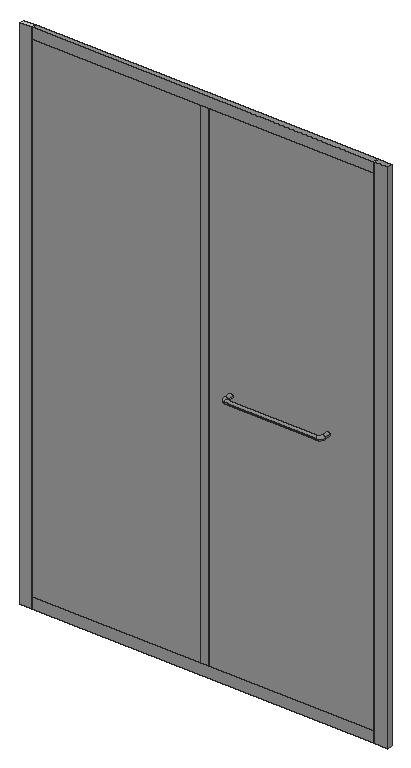
Revit family "MAMPARA DOBLE CORREDERA TWIN 1400x1980", category Generic Models, Revit 2019
Family settings
  Can host rebar = No
  Round Connector Dimension = Use Diameter
  Part Type = Normal
  Work Plane-Based = No
  Always vertical = Yes
  Cut with Voids When Loaded = No
  Shared = No
  Room Calculation Point = No
Reference planes
  plane 1 "Center (Front/Back)": y = 0
  plane 2: z = 0
  plane 3 "Center (Left/Right)": x = 0
Forms (mm)
  Extrusion 1, solid
    sketch origin (0, 0, 0) x (1, 0, 0) y (0, 0, 1)
      loop
        line (-102.54, 0) -> (-56.251, 0) -> (-56.251, 1980) -> (-102.54, 1980) -> (-102.54, 0)
      loop
        line (1297.46, 1980) -> (1244.379, 1980) -> (1244.379, 0) -> (1297.46, 0) -> (1297.46, 1980)
    from 0 to 17.247
  Extrusion 2, solid
    sketch origin (0, 0, 0) x (1, 0, 0) y (0, 0, 1)
      loop
        line (-56.251, 1980) -> (-56.251, 1940) -> (1244.379, 1940) -> (1244.379, 1980) -> (-56.251, 1980)
      loop
        line (-56.251, 0) -> (1244.379, 0) -> (1244.379, 40) -> (-56.251, 40) -> (-56.251, 0)
    from 0 to 17.247
  Extrusion 3, solid
    sketch origin (0, 0, 0) x (1, 0, 0) y (0, 0, 1)
      loop
        line (585, 1940) -> (585, 40) -> (615, 40) -> (615, 1940) -> (585, 1940)
    from 0 to 17.247
  Extrusion 4, solid
    sketch origin (0, 0, 0) x (1, 0, 0) y (0, 0, 1)
      loop
        line (-56.251, 1940) -> (-56.251, 40) -> (1244.379, 40) -> (1244.379, 1940) -> (-56.251, 1940)
    from 0 to 17.247
  Sweep 5, solid
    path origin (-54.572, 0, 990) x (1, 0, 0) y (0, 1, 0)
      loop
        line (1125, -17.247) -> (1125, -42.247)
        arc (1125, -42.247) -> (1122.071, -49.319) -> (1115, -52.247) r 10
        line (1115, -52.247) -> (765, -52.247)
        arc (765, -52.247) -> (757.929, -49.319) -> (755, -42.247) r 10
        line (755, -42.247) -> (755, -17.247)
    profile origin (700.428, -17.247, 990) x (-1, 0, 0) y (0, 0, 1)
      loop
        circle (0, 0) r 7
  Sweep 6, solid
    path origin (1240.806, -17.247, 990) x (-1, 0, 0) y (0, -1, 0)
      loop
        line (1125, -17.247) -> (1125, -42.247)
        arc (1125, -42.247) -> (1122.071, -49.319) -> (1115, -52.247) r 10
        line (1115, -52.247) -> (765, -52.247)
        arc (765, -52.247) -> (757.929, -49.319) -> (755, -42.247) r 10
        line (755, -42.247) -> (755, -17.247)
    profile origin (485.806, 0, 990) x (1, 0, 0) y (0, 0, 1)
      loop
        circle (0, 0) r 7
Dimensions and locks
  aligned and locked: level to plane 2
